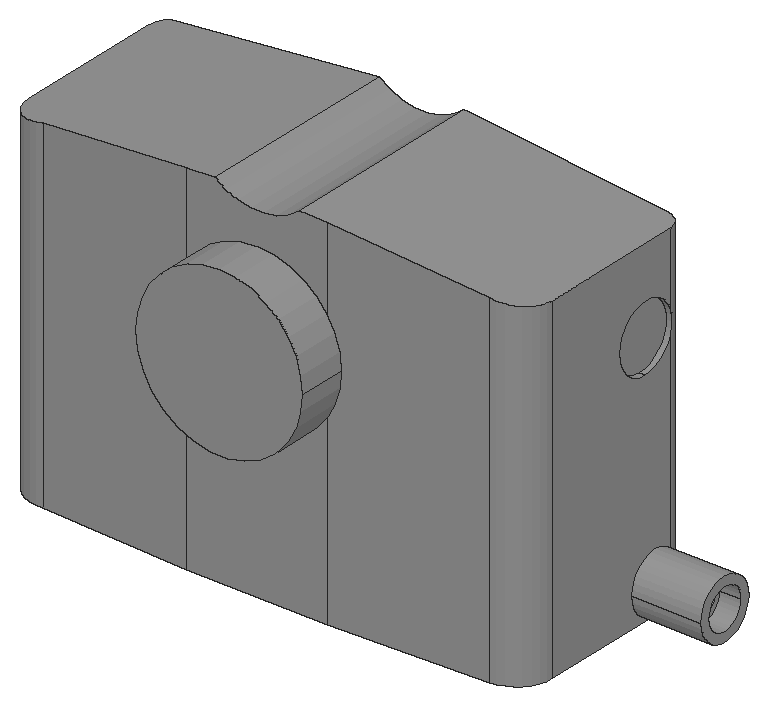
Revit family "BIM_Model_Piranhamat_ 120_50_L", category Mechanical Equipment, Revit 2018
Family settings
  Round Connector Dimension = Use Radius
  Part Type = Normal
  Work Plane-Based = No
  Always vertical = Yes
  Cut with Voids When Loaded = No
  Shared = No
  Room Calculation Point = No
Parameters (values of type "Piranhamat 120 Connection @ 198mm Height")
  Weight (Kg) = "9.0"
  Tank Material = Polypropylene
  Speed (r/min) = 2900
  Rated Voltage (V) = "220-240 1~"
  Rated Current (A) = "4.84"
  Product Specification Link = "https://www.sulzer.com/en/shared/products/2017/03/28/13/23/lifting-station-type-abs-piranhamat-100-and-120"
  Motor Power (kW) = "P1=1.10 P2=0.68"
  Model = "Piranhamat"
  Manufacturer = "Sulzer"
  Inflow DN 40 = 40 mm / 2  # 20 mm
  Inflow DN 100 = 100 mm / 2  # 50 mm
  Head(m) = 8 mm
  Discharge DN25/32 = 32 mm / 2  # 16 mm
  Description = "Compact fecal pumping units for direct connection of one toilet in accordance with EN 12050-3. These ready-to-plug-in units, with a gas- and odor-tight synthetic tank, can also be connected to a hand wash basin, shower, or bidet."
  Connection Offset (Horizontal) = 36 mm
  Connection Height Offset = 198 mm
  Capacity(m3/hr) = 5.80 m³
  Cable Type (H05V V-F) = "3G1.0"
  Cable Length (m) = "2.2"
  Assembly Code = ""
Types (3, lengths in mm): name | Connection Offset (Horizontal) | Connection Height Offset
  (no name) | 36 | 198
  Piranhamat 120 Connection @ 74mm Height | 42 | 74
  Piranhamat 120 Connection @ 198mm Height | 36 | 198
Reference planes
  plane 1 "Center (Front/Back)": y = 0
  plane 2: z = 0
  plane 3 "Center (Left/Right)": x = 0
  plane 4: z = 287
  plane 5: z = 198
  plane 6: y = -160.008
  plane 7: x = 258.019
  plane 8: x = -203.481
  plane 9: y = -197
  plane 10: z = 23.7
  plane 11: x = -198.5
  plane 12: x = 198.5
  plane 13: y = -36
  plane 14: x = 203.502
Forms (mm)
  Extrusion 1, solid, material "Polypropylene" <- "Tank Material"
    sketch origin (0, 0, 0) x (1, 0, 0) y (0, 1, 0)
      loop
        arc (203.502, -11.471) -> (200.133, -3.339) -> (192.002, 0.029) r 11.5
        line (192.002, 0.029) -> (35.471, 0.029) -> (-35.471, 0.029) -> (-191.981, 0.029)
        arc (-191.981, 0.029) -> (-200.112, -3.339) -> (-203.481, -11.471) r 11.5
        line (-203.481, -11.471) -> (-203.481, -127.135)
        arc (-203.481, -127.135) -> (-193.956, -148.175) -> (-171.862, -154.9) r 28
        line (-171.862, -154.9) -> (-54.976, -160.008) -> (55.024, -160.008) -> (176.738, -154.631)
        arc (176.738, -154.631) -> (195.733, -146.015) -> (203.502, -126.658) r 28
        line (203.502, -126.658) -> (203.502, -11.471)
    from 0 to 287
  Extrusion 2, void
    sketch origin (-319.536, -160.008, 1200) x (1, 0, 0) y (0, 0, 1)
      loop
        line (116.055, -900.937) -> (116.055, -936.956)
        arc (116.055, -936.956) -> (200.906, -924.507) -> (286.446, -918.37) r 1158.136
        arc (286.446, -918.37) -> (319.585, -930.3) -> (352.725, -918.374) r 51.999
        arc (352.725, -918.374) -> (438.189, -924.175) -> (523.037, -935.938) r 1224.391
        line (523.037, -935.938) -> (523.037, -900.937) -> (116.055, -900.937)
    from 0 to -200
  Extrusion 3, solid, material "Polypropylene" <- "Tank Material"
    sketch origin (-319.536, -197, 1200) x (-1, 0, 0) y (0, 0, 1)
      loop
        circle (-319.536, -1020) r 65
    from 0 to 47.785
  Extrusion 4, solid, material "Polypropylene" <- "Tank Material"
    sketch origin (258.019, -1524, 440.388) x (0, 0, 1) y (0, -1, 0)
      loop
        circle (-416.688, -1497) r 23
    from 0 to -258.019
  Revolve 5, void
    sketch origin (258.019, -1524, 23.7) x (0, -1, 0) y (1, 0, 0)
      loop
        line (-1497, 0) -> (-1513, 0) -> (-1513, -17.15) -> (-1509.5, -17.15) -> (-1509.5, -27) -> (-1497, -27) -> (-1497, 0)
      axis (-1497, -27) -> (-1497, 0)
    angle from 0 to 360
  Extrusion 6, void
    sketch origin (-203.481, -1524, 463.529) x (0, 0, -1) y (0, -1, 0)
      loop
        circle (439.829, -1497) r 15
    from 0 to -4.981
  Extrusion 7, void
    sketch origin (-203.481, -1524, 463.529) x (0, 0, -1) y (0, -1, 0)
      loop
        circle (265.529, -1488) r 26
    from 0 to -4.981
  Extrusion 8, void
    sketch origin (203.502, -1524, 264.062) x (0, 0, -1) y (0, -1, 0)
      loop
        circle (66.062, -1488) r 26
    from 0 to 5.002
Cuts and joins
  Extrusion 2, Revolve 5, Extrusion 6, Extrusion 7, Extrusion 8 cuts Extrusion 1
  Revolve 5, Extrusion 6, Extrusion 7, Extrusion 8 cuts Extrusion 3
  Revolve 5, Extrusion 6, Extrusion 7, Extrusion 8 cuts Extrusion 4
  joined: Extrusion 1, Extrusion 3, Extrusion 4
Dimensions and locks
  plane 4 to plane 2 = 287 mm
  locked: plane 9 to plane 1 "Center (Front/Back)" at 197
  Extrusion 3 sketch curve to plane 2 = 180 mm
  Extrusion 4 sketch curve to plane 2 = 23.7 mm
  Extrusion 4 sketch curve to plane 1 "Center (Front/Back)" = 27 mm
  plane 12 to plane 11 = 397 mm
  plane 3 "Center (Left/Right)" to plane 11 = 198.5 mm
  plane 7 to plane 8 = 461.5 mm
  "Connection Height Offset": plane 5 to plane 2
  "Connection Offset (Horizontal)": plane 1 "Center (Front/Back)" to plane 13
  aligned and locked: level to plane 2
  aligned and locked: plane 4 to Extrusion 1
  aligned and locked: Extrusion 1 to level
  aligned and locked: plane 6 to Extrusion 1
  aligned and locked: Extrusion 4 to plane 3 "Center (Left/Right)"
  aligned and locked: plane 7 to Extrusion 4
  aligned and locked: plane 8 to cut or joined group of Extrusion 1, Extrusion 2, Extrusion 3, Extrusion 4, Revolve 5, Extrusion 6, Extrusion 7, Extrusion 8
  aligned and locked: Extrusion 2 to Extrusion 1
  aligned and locked: Extrusion 1 to Extrusion 2
  aligned and locked: Extrusion 6 to Extrusion 7
  aligned and locked: plane 11 to Extrusion 7
  aligned and locked: Extrusion 1 to Extrusion 7
  aligned and locked: Extrusion 1 to Extrusion 8
Automatic sketch dimensions
  Extrusion 1 sketch curve to plane 8 = 0 mm
  Extrusion 1 sketch curve to plane 6 = 0 mm
  Extrusion 1 sketch curve to plane 1 "Center (Front/Back)" = 0.029 mm
  plane 11 to Extrusion 1 sketch curve = 6.519 mm
  plane 11 to Extrusion 1 sketch curve = 23.019 mm
  plane 6 to Extrusion 1 sketch curve = 5.108 mm
  plane 11 to Extrusion 1 sketch curve = 26.638 mm
  Extrusion 1 sketch curve to plane 3 "Center (Left/Right)" = 54.976 mm
  Extrusion 1 sketch curve to plane 3 "Center (Left/Right)" = 35.471 mm
  plane 3 "Center (Left/Right)" to Extrusion 1 sketch curve = 35.471 mm
  plane 3 "Center (Left/Right)" to Extrusion 1 sketch curve = 55.024 mm
  Extrusion 1 sketch curve to plane 12 = 22.998 mm
  plane 6 to Extrusion 1 sketch curve = 5.377 mm
  Extrusion 1 sketch curve to plane 12 = 21.762 mm
  Extrusion 1 sketch curve to plane 12 = 6.498 mm
  plane 12 to Extrusion 1 sketch curve = 5.002 mm
  Extrusion 2 sketch curve to plane 8 = 0 mm
  Extrusion 2 sketch curve to plane 4 = 5.37 mm
  Extrusion 2 sketch curve to plane 3 "Center (Left/Right)" = 33.09 mm
  Extrusion 2 sketch curve to plane 3 "Center (Left/Right)" = 6.952 mm
  plane 3 "Center (Left/Right)" to Extrusion 2 sketch curve = 0.052 mm
  plane 3 "Center (Left/Right)" to Extrusion 2 sketch curve = 6.952 mm
  Extrusion 2 sketch curve to plane 4 = 5.374 mm
  plane 3 "Center (Left/Right)" to Extrusion 2 sketch curve = 33.19 mm
  plane 12 to Extrusion 2 sketch curve = 5.002 mm
  Extrusion 2 sketch curve to Extrusion 2 sketch curve = 17.564 mm
  Extrusion 2 sketch curve to Extrusion 2 sketch curve = 18.586 mm
  plane 4 to Extrusion 2 sketch curve = 12.063 mm
  Extrusion 3 sketch curve to plane 3 "Center (Left/Right)" = 0 mm
  Revolve 5 sketch curve to plane 7 = 0 mm  (x2)
  plane 1 "Center (Front/Back)" to Revolve 5 sketch curve = 11 mm
  Revolve 5 sketch curve to Revolve 5 sketch curve = 3.5 mm
  Revolve 5 sketch curve to Revolve 5 sketch curve = 16 mm
  Revolve 5 sketch curve to Revolve 5 sketch curve = 0 mm
  Revolve 5 sketch curve to plane 7 = 17.15 mm
  Revolve 5 sketch curve to Revolve 5 sketch curve = 9.85 mm
  plane 7 to Revolve 5 sketch curve = 26.946 mm
  plane 10 to Extrusion 6 sketch curve = 0 mm
  plane 1 "Center (Front/Back)" to Extrusion 6 sketch curve = 27 mm
  Extrusion 7 sketch curve to plane 5 = 0 mm
  Extrusion 7 sketch curve to plane 13 = 0 mm
  Extrusion 8 sketch curve to plane 5 = 0 mm
  Extrusion 8 sketch curve to plane 13 = 0 mm
  radius of Extrusion 3 sketch curve = 65 mm
  radius of Extrusion 4 sketch curve = 23 mm
  radius of Extrusion 6 sketch curve = 15 mm
  radius of Extrusion 7 sketch curve = 26 mm
  radius of Extrusion 8 sketch curve = 26 mm
Connectors
  piping at (0, -197, 180), diameter 100, driven by "Inflow DN 100"
    settings: on cut or joined group of Extrusion 1, Extrusion 2, Extrusion 3, Extrusion 4, Revolve 5, Extrusion 6, Extrusion 7, Extrusion 8, index 1, connector inside diameter 100 mm, connector length 0 mm, flow factor 0, pipe flow 0.0 L/s, pressure drop 0.0 Pa, fitting loss kfactor 0, connector angle 0.00°, fixture units 0, engagement length 0 mm, angle of deflection 0.00°, flow configuration 0, flow direction 0, fitting loss method 0, system type 29, joint type 0, gender type 0, connector reference index -1, connector utility 0, adjustable connector no, is connector primary yes, connector description "Inflow DN 100"
  piping at (258.019, -27, 23.7), diameter 32, driven by "Discharge DN25/32"
    settings: on cut or joined group of Extrusion 1, Extrusion 2, Extrusion 3, Extrusion 4, Revolve 5, Extrusion 6, Extrusion 7, Extrusion 8, index 4, connector inside diameter 32 mm, connector length 0 mm, flow factor 0, pipe flow 0.0 L/s, pressure drop 0.0 Pa, fitting loss kfactor 0, connector angle 0.00°, fixture units 0, engagement length 0 mm, angle of deflection 0.00°, flow configuration 0, flow direction 0, fitting loss method 0, system type 29, joint type 0, gender type 0, connector reference index -1, connector utility 0, adjustable connector no, is connector primary no, connector description "Discharge DN25/32"
  piping at (198.5, -36, 198), diameter 40, driven by "Inflow DN 40"
    settings: on cut or joined group of Extrusion 1, Extrusion 2, Extrusion 3, Extrusion 4, Revolve 5, Extrusion 6, Extrusion 7, Extrusion 8, index 5, connector inside diameter 40 mm, connector length 0 mm, flow factor 0, pipe flow 0.0 L/s, pressure drop 0.0 Pa, fitting loss kfactor 0, connector angle 0.00°, fixture units 0, engagement length 0 mm, angle of deflection 0.00°, flow configuration 0, flow direction 0, fitting loss method 0, system type 29, joint type 0, gender type 0, connector reference index -1, connector utility 0, adjustable connector no, is connector primary no, connector description "Inflow DN 40"
  piping at (-198.5, -36, 198), diameter 40, driven by "Inflow DN 40"
    settings: on cut or joined group of Extrusion 1, Extrusion 2, Extrusion 3, Extrusion 4, Revolve 5, Extrusion 6, Extrusion 7, Extrusion 8, index 6, connector inside diameter 40 mm, connector length 0 mm, flow factor 0, pipe flow 0.0 L/s, pressure drop 0.0 Pa, fitting loss kfactor 0, connector angle 0.00°, fixture units 0, engagement length 0 mm, angle of deflection 0.00°, flow configuration 0, flow direction 0, fitting loss method 0, system type 29, joint type 0, gender type 0, connector reference index -1, connector utility 0, adjustable connector no, is connector primary no, connector description "Inflow DN 40"
